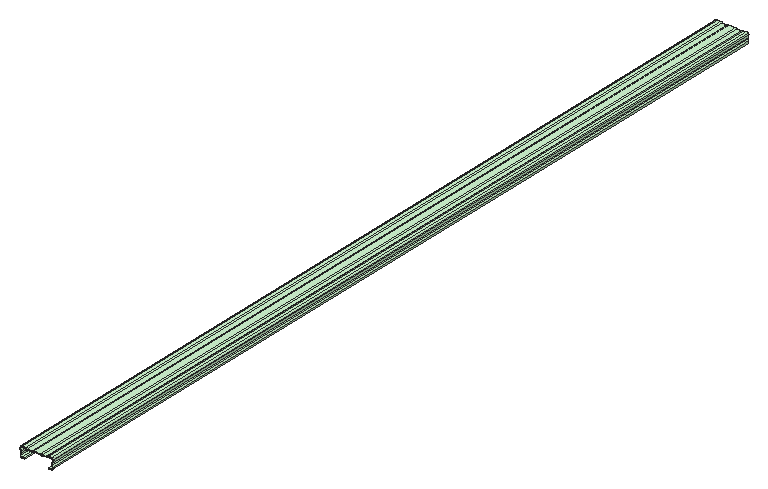
Revit family "SQチャンネル（C-38）", category 機械設備, Revit 2020
Family settings
  丸型コネクタ寸法 = 直径を使用
  種別 = なし
  パーツ タイプ = 標準
  作業面ベース = いいえ
  常に垂直 = はい
  ロード時にボイドで切り取り = いいえ
  共有 = いいえ
  部屋計算ポイント = いいえ
Parameters
  製造元 = "株式会社桐井製作所"
  既定の高さ = 0 mm
  URL = "https://www.kirii.co.jp/"
  K_長さ(mm) [instance] = 1000 mm
  K_外形寸法(mm) = "38×12×5×0.6"
  K_品名 = "SQチャンネルC-38"
  K_名称 = "振れ止め"
  K_バージョン情報 = "20210714"
Reference planes
  plane 1 "中心(正面/背面)": y = 0
  plane 2: z = 0
  plane 3 "中心(左/右)": x = 0
  plane 4: y = 1000
  plane 5: z = 12
Forms (mm)
  Extrusion 1, solid
    sketch origin (19, 0, 0) x (0, 0, -1) y (1, 0, 0)
      loop
        arc (-11.2, -31.193) -> (-10.618, -30.714) -> (-10.4, -29.993) r 1.3
        line (-10.4, -29.993) -> (-10.4, -25.007)
        arc (-10.4, -25.007) -> (-10.618, -24.286) -> (-11.2, -23.807) r 1.3
        line (-11.2, -23.807) -> (-11.2, -14.193)
        arc (-11.2, -14.193) -> (-10.618, -13.714) -> (-10.4, -12.993) r 1.3
        line (-10.4, -12.993) -> (-10.4, -8.007)
        arc (-10.4, -8.007) -> (-10.618, -7.286) -> (-11.2, -6.807) r 1.3
        line (-11.2, -6.807) -> (-11.2, -1.5)
        arc (-11.2, -1.5) -> (-10.995, -1.005) -> (-10.5, -0.8) r 0.7
        line (-10.5, -0.8) -> (-9.604, -0.8) -> (-6.94, -1.825)
        arc (-6.94, -1.825) -> (-6.029, -2) -> (-5.114, -1.845) r 2.617
        line (-5.114, -1.845) -> (-2.405, -0.87)
        arc (-2.405, -0.87) -> (-1.309, -1.019) -> (-0.8, -2) r 1.2
        line (-0.8, -2) -> (-0.8, -5) -> (0, -5) -> (0, -2)
        arc (0, -2) -> (-0.849, -0.364) -> (-2.675, -0.117) r 2
        line (-2.675, -0.117) -> (-5.385, -1.093)
        arc (-5.385, -1.093) -> (-6.02, -1.2) -> (-6.653, -1.079) r 1.817
        line (-6.653, -1.079) -> (-9.23, -0.087)
        arc (-9.23, -0.087) -> (-9.862, 0.007) -> (-10.5, 0) r 4.023
        arc (-10.5, 0) -> (-11.561, -0.439) -> (-12, -1.461) r 1.5
        line (-12, -1.461) -> (-12, -6.461)
        arc (-12, -6.461) -> (-11.782, -7.183) -> (-11.2, -7.661) r 1.3
        line (-11.2, -7.661) -> (-11.2, -13.338)
        arc (-11.2, -13.338) -> (-11.782, -13.817) -> (-12, -14.537) r 1.3
        line (-12, -14.537) -> (-12, -23.461)
        arc (-12, -23.461) -> (-11.782, -24.183) -> (-11.2, -24.661) r 1.3
        line (-11.2, -24.661) -> (-11.2, -30.338)
        arc (-11.2, -30.338) -> (-11.782, -30.817) -> (-12, -31.5) r 1.3
        line (-12, -31.5) -> (-12, -36.5)
        arc (-12, -36.5) -> (-11.561, -37.561) -> (-10.5, -38) r 1.5
        line (-10.5, -38) -> (-9.455, -38) -> (-6.653, -36.921)
        arc (-6.653, -36.921) -> (-6.02, -36.8) -> (-5.385, -36.907) r 1.817
        line (-5.385, -36.907) -> (-2.676, -37.882)
        arc (-2.676, -37.882) -> (-0.849, -37.636) -> (0, -36) r 2
        line (0, -36) -> (0, -33) -> (-0.8, -33) -> (-0.8, -36)
        arc (-0.8, -36) -> (-1.306, -36.979) -> (-2.397, -37.132) r 1.2
        line (-2.397, -37.132) -> (-5.114, -36.155)
        arc (-5.114, -36.155) -> (-6.029, -36) -> (-6.94, -36.175) r 2.617
        line (-6.94, -36.175) -> (-9.604, -37.2) -> (-10.5, -37.2)
        arc (-10.5, -37.2) -> (-10.995, -36.995) -> (-11.2, -36.5) r 0.7
        line (-11.2, -36.5) -> (-11.2, -31.193)
    from 0 to -1000
Dimensions and locks
  "K_長さ(mm)": plane 1 "中心(正面/背面)" to plane 4
  aligned and locked: level to plane 2
  aligned and locked: plane 4 to Extrusion 1
Automatic sketch dimensions
  Extrusion 1 sketch curve to Extrusion 1 sketch curve = 0 mm  (x27)
  Extrusion 1 sketch curve to level = 0 mm  (x2)
  level to Extrusion 1 sketch curve = 0 mm  (x2)
  level to Extrusion 1 sketch curve = 0.8 mm  (x2)
  Extrusion 1 sketch curve to Extrusion 1 sketch curve = 0.8 mm  (x7)
  Extrusion 1 sketch curve to Extrusion 1 sketch curve = 1.199 mm
  Extrusion 1 sketch curve to Extrusion 1 sketch curve = 0.001 mm
  Extrusion 1 sketch curve to Extrusion 1 sketch curve = 1.2 mm
  Extrusion 1 sketch curve to Extrusion 1 sketch curve = 0.398 mm
  Extrusion 1 sketch curve to Extrusion 1 sketch curve = 0.405 mm
  Extrusion 1 sketch curve to Extrusion 1 sketch curve = 0.27 mm
  Extrusion 1 sketch curve to Extrusion 1 sketch curve = 0.279 mm
  Extrusion 1 sketch curve to Extrusion 1 sketch curve = 2.709 mm
  Extrusion 1 sketch curve to Extrusion 1 sketch curve = 2.717 mm
  Extrusion 1 sketch curve to Extrusion 1 sketch curve = 0.271 mm  (x2)
  Extrusion 1 sketch curve to Extrusion 1 sketch curve = 0.615 mm  (x2)
  Extrusion 1 sketch curve to Extrusion 1 sketch curve = 1.268 mm  (x2)
  Extrusion 1 sketch curve to Extrusion 1 sketch curve = 0.287 mm  (x2)
  Extrusion 1 sketch curve to Extrusion 1 sketch curve = 2.577 mm
  Extrusion 1 sketch curve to Extrusion 1 sketch curve = 2.803 mm
  Extrusion 1 sketch curve to Extrusion 1 sketch curve = 0.374 mm
  Extrusion 1 sketch curve to Extrusion 1 sketch curve = 0.149 mm
  Extrusion 1 sketch curve to Extrusion 1 sketch curve = 0.532 mm
  Extrusion 1 sketch curve to Extrusion 1 sketch curve = 0.264 mm
  level to Extrusion 1 sketch curve = 10.4 mm
  Extrusion 1 sketch curve to Extrusion 1 sketch curve = 0.896 mm  (x2)
  Extrusion 1 sketch curve to Extrusion 1 sketch curve = 0.3 mm  (x4)
  Extrusion 1 sketch curve to Extrusion 1 sketch curve = 0.5 mm  (x8)
  Extrusion 1 sketch curve to Extrusion 1 sketch curve = 0.7 mm
  Extrusion 1 sketch curve to plane 3 "中心(左/右)" = 19.617 mm
  Extrusion 1 sketch curve to Extrusion 1 sketch curve = 0.617 mm
  Extrusion 1 sketch curve to Extrusion 1 sketch curve = 0.735 mm
  Extrusion 1 sketch curve to Extrusion 1 sketch curve = 0.749 mm
  Extrusion 1 sketch curve to Extrusion 1 sketch curve = 1.695 mm
  Extrusion 1 sketch curve to Extrusion 1 sketch curve = 0.747 mm
  Extrusion 1 sketch curve to Extrusion 1 sketch curve = 1.132 mm
  Extrusion 1 sketch curve to Extrusion 1 sketch curve = 4.962 mm
  Extrusion 1 sketch curve to Extrusion 1 sketch curve = 0.346 mm  (x10)
  Extrusion 1 sketch curve to Extrusion 1 sketch curve = 4.986 mm  (x2)
  plane 3 "中心(左/右)" to Extrusion 1 sketch curve = 4.462 mm
  Extrusion 1 sketch curve to Extrusion 1 sketch curve = 1.462 mm
  Extrusion 1 sketch curve to Extrusion 1 sketch curve = 2.455 mm
  Extrusion 1 sketch curve to Extrusion 1 sketch curve = 3 mm
  Extrusion 1 sketch curve to Extrusion 1 sketch curve = 0.975 mm
  Extrusion 1 sketch curve to Extrusion 1 sketch curve = 0.02 mm
  Extrusion 1 sketch curve to Extrusion 1 sketch curve = 2.507 mm
  Extrusion 1 sketch curve to Extrusion 1 sketch curve = 0.753 mm
  Extrusion 1 sketch curve to Extrusion 1 sketch curve = 0.713 mm
  Extrusion 1 sketch curve to Extrusion 1 sketch curve = 0.038 mm  (x2)
  Extrusion 1 sketch curve to Extrusion 1 sketch curve = 0.002 mm
